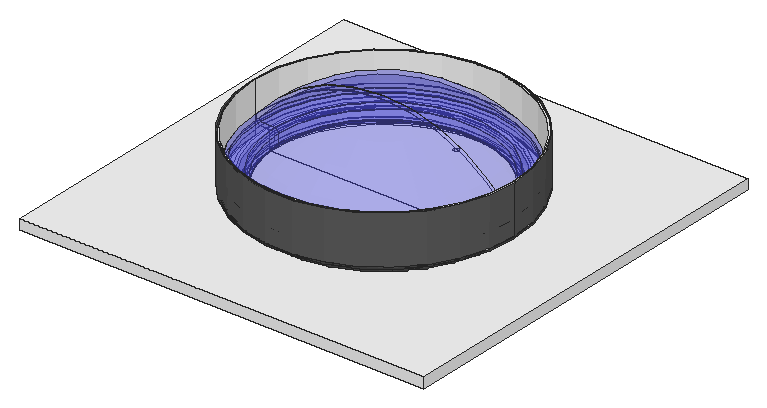
Revit family "BE_51049.1_de_DE", category Leuchten, Revit 2020
Family settings
  Basisbauteil = Fläche
  Bemaßung runder Anschluss = Durchmesser verwenden
  Teiletyp = Normal
  Beim Laden mit Abzugskörper schneiden = Ja
  Lichtquelle = Ja
  Gemeinsam genutzt = Nein
  Raumberechnungspunkt = Ja
Parameters (values of type "BEGA_51049.1_K3")
  built-in parameter 1150104 = 13.816 (stored number, unit not read)
  Wattage = 11.6 W
  Default Elevation = 0 mm
  built-in parameter 1150113 = 1 (stored number, unit not read)
  built-in parameter 1114218 = 1 (stored number, unit not read)
  Umgebungstemperatur = "25 °C"
  URL = "https://www.bega.com/de/produkt/51049.1"
  Typenkommentare = "© 2022 BEGA. Wir behalten uns das Recht vor, technische Änderungen ohne vorherige Ankündigung vorzunehmen."  # constant formula
  built-in parameter 1150134 = (empty or 0)
  built-in parameter 1150109 = 1 (stored number, unit not read)
  built-in parameter 1150110 = 1 (stored number, unit not read)
  Spannung = 239.996 V
  Sonderanfertigung = no
  Seriennummer [instance] = "Hier können Sie die eindeutige Seriennummer für das Facility Management eintragen."
  Schutzklasse = "I"
  Schutzart = "IP 20"
  Scheinlast = 0 VA
  Produktdatenblatt = "https://cdn.bega.com/bega/products/51049.1K3/current/documents/data-sheets/de"
  Neigungswinkel = 0.00°
  Modell = "51049.1K3"
  Material_35 = BEGA_Oberfläche_Samtschwarz_matt
  Material_34 = BEGA_Oberfläche_Samtweiss_matt
  Material_14 = BEGA_Kunststoff_opal
  M_W = no
  M_G = no
  M_A = no
  Logo = 0
  built-in parameter 1114217 = 1 (stored number, unit not read)
  built-in parameter 1150139 = (empty or 0)
  built-in parameter 1150105 = 137.27 (stored number, unit not read)
  built-in parameter 1150114 = 1 (stored number, unit not read)
  Lumens = 1725.04 lm
  built-in parameter 1150115 = 1 (stored number, unit not read)
  Leuchtenlichtstrom = "1224 lm"
  Lebensdauerkriterien = "L70B50 @ 25 °C = 131000 h"
  Lastklassifizierung = Beleuchtung
  built-in parameter 1150112 = 1 (stored number, unit not read)
  Lampenlichtstrom = "1725 lm"
  Lampe = "LED 11.6 W"
  LED_Modulbezeichnung = "LED-0509/930"
  Hersteller = "BEGA"  # constant formula
  Gewicht = "1.25 kg"
  Frequenz = "50-60 Hz"
  Farbwiedergabeindex = "CRI > 90"
  Farbtemperaturverschiebung bei Dämpfen der Lampe = <Keine Auswahl>
  Farbtemperatur = "3000 K"
  Color Filter = 16777215
  built-in parameter 1150133 = 10 (stored number, unit not read)
  Energieeffizienzklasse = "LED A++ - A"
  built-in parameter 1150137 = (empty or 0)
  built-in parameter 1150132 = (empty or 0)
  Dimmbar [instance] = "on/off"
  Datei für fotometrisches Netz = "BE_51049-1K3.ies"
  CE_Konformität = "ja"
  Bestellnummer = "51049.1K3"
  Beschreibung_Sonderanfertigung = "Hier können Sie Informationen zur Sonderanfertigung eintragen."
  Beschreibung = "Deckenleuchte"
  built-in parameter 1150106 = 1.3727 (stored number, unit not read)
  Befestigungsbohrung = "Ø 5,5 mm"
  Befestigungsabstand = "180 mm"
  BEGA_Intern_aus = yes
  BEGA_Intern_an = yes
  BEGA_Intern_Konstruktion = yes
  BEGA_Intern = yes
  BEGA_IES = yes
  BEGA_Dummy = no
  Anschlussleistung [instance] = "15.5 W"
  built-in parameter 1150107 = 3000 (stored number, unit not read)
  built-in parameter 1150102 = (empty or 0)
  built-in parameter 1150138 = (empty or 0)
  Aktualisierung = "2022-10-24T04:00:03"
  AC/DC = "AC"
Reference planes
  plane 1 "Mitte (Vorne/Hinten)": y = 0
  plane 2: z = 0
  plane 3 "Mitte (Links/Rechts)": x = 0
  plane 4 "Links": x = -129.868
  plane 5 "Rechts": x = 129.868
  plane 6 "Unten": y = -129.869
  plane 7 "Oben": y = 129.869
  plane 8 "Vorne": z = 91
  plane 9 "Hinten": z = 0
Forms (mm)
  Extrusion 1, solid, material "BEGA_Platte_Weiss"
    sketch origin (0, -1119.2, 0) x (1, 0, 0) y (0, 1, 0)
      loop
        line (-200, 1319.2) -> (-200, 919.2) -> (200, 919.2) -> (200, 1319.2) -> (-200, 1319.2)
    from 0 to -10
  Extrusion 2, solid, material "BEGA_Dummy_matt", visible <- "BEGA_Dummy"
    sketch origin (77.149, -76.023, 0) x (1, 0, 0) y (0, 1, 0)
      loop
        circle (-77.149, 76.023) r 130
    from 0 to 91
Dimensions and locks
  plane 1 "Mitte (Vorne/Hinten)" to Extrusion 1 = 200 mm
  aligned and locked: Extrusion 1 to plane 2
  aligned and locked: Extrusion 1 to level
Nested families
  nested 1: "BE_51049.1_Leuchte" at (0, 0, 0), type "BE_51049.1_Leuchte"
Connectors
  electrical at (0, 0, 0), driven by "Lastklassifizierung", driven by "Spannung", driven by "Scheinlast"
    settings: index 1, voltage 239.996 V, apparent load 0 VA, apparent load phase1 0 VA, apparent load phase2 0 VA, apparent load phase3 0 VA, power factor 1, load classification "Beleuchtung", number of poles 1, system type 31, power factor state 1, is connector primary yes, connector utility no, sub classification motor no, connector description ""
Definition of nested family "BE_51049.1_Leuchte"
  Parameters (values of type "BE_51049.1_Leuchte")
    Default Elevation = 1 mm
    URL = "http://www.bega.de/de/produkt"
    Type Comments = "© 2015 BEGA. Wir behalten uns das Recht vor, technische Änderungen ohne vorherige Ankündigung vorzunehmen. "  # constant formula
    Type Image = (empty or 0)
    Material_35 = none
    Material_34 = none
    Material_14 = none
    Länge_Platte = 300 mm  # constant formula
    Höhe_Platte = -10 mm  # constant formula
    Manufacturer = "BEGA"  # constant formula
    Breite_Platte = 300 mm  # constant formula
  Reference planes
    plane 1 "Mitte (Oben/Unten)": y = 0
    plane 2: z = 0
    plane 3 "Mitte (Links/Rechts)": x = 0
    plane 4: x = -129.868
    plane 5: z = 91
    plane 6: x = 129.868
    plane 7: z = 0
    plane 8: y = 129.869
    plane 9: y = -129.869
  Forms (mm)
    Extrusion 1, solid, detail levels medium
      sketch origin (0, 0, 0) x (1, 0, 0) y (0, 1, 0)
        loop
          line (-150, 150) -> (-150, -150) -> (150, -150) -> (150, 150) -> (-150, 150)
      from 0 to -10 <- "Höhe_Platte"
    Revolve 2, solid, material <- "Material_34"
      sketch origin (0, 0, 0) x (1, 0, 0) y (0, 0, 1)
        loop
          line (115.329, 20) -> (117.5, 20) -> (117.5, 21) -> (115.331, 21)
          arc (115.331, 21) -> (114.063, 20.484) -> (113.524, 19.225) r 1.8
          line (113.524, 19.225) -> (113.276, 4.974)
          arc (113.276, 4.974) -> (112.826, 3.929) -> (111.773, 3.5) r 1.5
          line (111.773, 3.5) -> (0, 3.5) -> (0, 2.5) -> (111.773, 2.5)
          arc (111.773, 2.5) -> (113.527, 3.216) -> (114.276, 4.956) r 2.5
          line (114.276, 4.956) -> (114.524, 19.21)
          arc (114.524, 19.21) -> (114.764, 19.771) -> (115.329, 20) r 0.8
        axis (0, 2.5) -> (0, 21)
      angle from 0 to 360
    Blend 3, solid, material <- "Material_34"
      base sketch origin (0, 0, 0) x (1, 0, 0) y (0, 1, 0)
        loop
          circle (0, 90) r 6.067
      top sketch origin (0, 0, 0) x (1, 0, 0) y (0, 1, 0)
        loop
          circle (0, 90) r 9.863
      from 0 to 3.5
    Blend 4, solid, material <- "Material_34"
      base sketch origin (0, 0, 0) x (1, 0, 0) y (0, 1, 0)
        loop
          circle (0, -90) r 6.067
      top sketch origin (0, 0, 0) x (1, 0, 0) y (0, 1, 0)
        loop
          circle (0, -90) r 9.863
      from 0 to 3.5
    Blend 5, solid, material <- "Material_34"
      base sketch origin (0, 0, 0) x (1, 0, 0) y (0, 1, 0)
        loop
          arc (90.944, 30.518) -> (71.704, 42.119) -> (57.155, 25) r 17.345
          line (57.155, 25) -> (57.155, -25)
          arc (57.155, -25) -> (71.704, -42.119) -> (90.944, -30.518) r 17.345
          arc (90.944, -30.518) -> (95.928, 0) -> (90.944, 30.518) r 95.928
      top sketch origin (0, 0, 0) x (1, 0, 0) y (0, 1, 0)
        loop
          arc (95.323, 31.989) -> (70.952, 46.677) -> (52.535, 24.985) r 21.964
          line (52.535, 24.985) -> (52.535, -24.994)
          arc (52.535, -24.994) -> (70.96, -46.672) -> (95.324, -31.981) r 21.965
          arc (95.324, -31.981) -> (100.546, 0.004) -> (95.323, 31.989) r 100.546
      from 0 to 3.5
    Extrusion 6, void
      sketch origin (0, 0, 0) x (1, 0, 0) y (0, 1, 0)
        loop
          circle (0, 90) r 2.75
        loop
          circle (0, -90) r 2.75
        loop
          circle (80, -15) r 5
        loop
          circle (80, 15) r 5
      from 0 to 3.5
    Revolve 7, solid, material <- "Material_35"
      sketch origin (0, 0, 0) x (1, 0, 0) y (0, 0, 1)
        loop
          line (129.7, 11.983) -> (129.868, 59.993) -> (128.868, 59.993) -> (128.7, 11.988)
          arc (128.7, 11.988) -> (128.256, 10.935) -> (127.2, 10.5) r 1.5
          line (127.2, 10.5) -> (115.64, 10.5) -> (115.5, 2.474)
          arc (115.5, 2.474) -> (115.051, 1.43) -> (114, 1) r 1.5
          line (114, 1) -> (110.5, 1) -> (110.5, 0) -> (114, 0)
          arc (114, 0) -> (115.752, 0.717) -> (116.5, 2.456) r 2.5
          line (116.5, 2.456) -> (116.623, 9.5) -> (127.2, 9.5)
          arc (127.2, 9.5) -> (128.962, 10.226) -> (129.7, 11.983) r 2.5
        axis (0, 0) -> (0, 59.993)
      angle from 0 to 360
    Revolve 8, solid, material <- "Material_34"
      sketch origin (0, 0, 0) x (1, 0, 0) y (0, 0, 1)
        loop
          line (127.868, 60) -> (127.7, 11.998)
          arc (127.7, 11.998) -> (127.553, 11.646) -> (127.2, 11.5) r 0.5
          line (127.2, 11.5) -> (114.657, 11.5) -> (114.491, 2) -> (110.5, 2) -> (110.5, 1) -> (114, 1)
          arc (114, 1) -> (115.051, 1.43) -> (115.5, 2.474) r 1.5
          line (115.5, 2.474) -> (115.64, 10.5) -> (127.2, 10.5)
          arc (127.2, 10.5) -> (128.259, 10.937) -> (128.7, 11.995) r 1.5
          line (128.7, 11.995) -> (128.868, 60) -> (127.868, 60)
        axis (0, 1) -> (0, 60)
      angle from 0 to 360
    Revolve 9, solid, material <- "Material_14"
      sketch origin (0, 0, 0) x (1, 0, 0) y (0, 0, 1)
        loop
          line (0, 91) -> (0, 87.2)
          arc (0, 87.2) -> (67.014, 72.201) -> (121.239, 30.064) r 157.2
          arc (121.239, 30.064) -> (122.17, 27.888) -> (121.777, 25.553) r 4.2
          line (121.777, 25.553) -> (107.481, 24.804)
          arc (107.481, 24.804) -> (104.79, 23.555) -> (103.7, 20.796) r 4
          line (103.7, 20.796) -> (103.7, 11.773)
          arc (103.7, 11.773) -> (104.098, 10.28) -> (105.186, 9.182) r 3.003
          line (105.186, 9.182) -> (107.458, 7.87)
          arc (107.458, 7.87) -> (108.492, 6.868) -> (108.941, 5.5) r 3.003
          line (108.941, 5.5) -> (112.75, 5.5) -> (112.75, 9.205) -> (107.5, 12.236) -> (107.5, 20.051)
          arc (107.5, 20.051) -> (107.774, 20.739) -> (108.446, 21.05) r 1
          line (108.446, 21.05) -> (121.856, 21.752)
          arc (121.856, 21.752) -> (123.904, 22.445) -> (125.293, 24.103) r 4
          arc (125.293, 24.103) -> (125.93, 28.446) -> (124.179, 32.472) r 8
          arc (124.179, 32.472) -> (68.64, 75.635) -> (0, 91) r 161
        axis (0, 5.5) -> (0, 91)
      angle from 0 to 360
  Cuts and joins
    Extrusion 6 cuts Revolve 2
    Extrusion 6 cuts Blend 3
    Extrusion 6 cuts Blend 4
    Extrusion 6 cuts Blend 5
    joined: Revolve 2, Blend 3, Blend 4, Blend 5
  Dimensions and locks
    equal spacing: Extrusion 1 sketch curve, plane 3 "Mitte (Links/Rechts)", Extrusion 1 sketch curve
    equal spacing: Extrusion 1 sketch curve, plane 1 "Mitte (Oben/Unten)", Extrusion 1 sketch curve
    "Länge_Platte": Extrusion 1 sketch curve to Extrusion 1 sketch curve
    "Breite_Platte": Extrusion 1 sketch curve to Extrusion 1 sketch curve
    plane 1 "Mitte (Oben/Unten)" to Extrusion 1 = 150 mm  (x3)
    aligned and locked: Extrusion 1 to plane 2
    aligned and locked: Extrusion 1 to level
  Automatic sketch dimensions
    Revolve 2 sketch curve to Revolve 2 sketch curve = 0 mm  (x8)
    Revolve 2 sketch curve to plane 3 "Mitte (Links/Rechts)" = 0 mm  (x2)
    level to Revolve 2 sketch curve = 3.5 mm
    Revolve 2 sketch curve to Revolve 2 sketch curve = 111.773 mm
    Revolve 2 sketch curve to Revolve 2 sketch curve = 0.001 mm
    Revolve 2 sketch curve to Revolve 2 sketch curve = 0.003 mm
    level to Revolve 2 sketch curve = 19.225 mm
    Revolve 2 sketch curve to Revolve 2 sketch curve = 1.749 mm
    level to Revolve 2 sketch curve = 19.21 mm
    Revolve 2 sketch curve to Revolve 2 sketch curve = 1 mm  (x3)
    Revolve 2 sketch curve to Revolve 2 sketch curve = 0.8 mm
    Revolve 2 sketch curve to Revolve 2 sketch curve = 0.004 mm
    Revolve 2 sketch curve to Revolve 2 sketch curve = 0.002 mm
    Revolve 2 sketch curve to Revolve 2 sketch curve = 2.171 mm
    Revolve 2 sketch curve to Revolve 2 sketch curve = 1.5 mm  (x2)
    Revolve 2 sketch curve to Revolve 2 sketch curve = 0.01 mm
    level to Revolve 2 sketch curve = 4.974 mm
    level to Revolve 2 sketch curve = 4.956 mm
    Blend 3 sketch curve to plane 3 "Mitte (Links/Rechts)" = 0 mm
    Blend 3 sketch curve to plane 1 "Mitte (Oben/Unten)" = 90 mm
    Blend 4 sketch curve to plane 3 "Mitte (Links/Rechts)" = 0 mm  (x2)
    Blend 4 sketch curve to plane 1 "Mitte (Oben/Unten)" = 90 mm  (x2)
    plane 1 "Mitte (Oben/Unten)" to Blend 5 sketch curve = 0 mm
    Blend 5 sketch curve to plane 3 "Mitte (Links/Rechts)" = 0 mm
    plane 1 "Mitte (Oben/Unten)" to Blend 5 sketch curve = 25 mm
    plane 3 "Mitte (Links/Rechts)" to Blend 5 sketch curve = 74.5 mm
    Blend 5 sketch curve to plane 1 "Mitte (Oben/Unten)" = 25 mm
    Blend 5 sketch curve to Blend 5 sketch curve = 0 mm  (x7)
    Blend 5 sketch curve to Blend 5 sketch curve = 17.345 mm  (x2)
    Blend 5 sketch curve to plane 1 "Mitte (Oben/Unten)" = 0.003 mm
    plane 3 "Mitte (Links/Rechts)" to Blend 5 sketch curve = 0.001 mm
    Blend 5 sketch curve to plane 1 "Mitte (Oben/Unten)" = 25.001 mm
    Blend 5 sketch curve to Blend 5 sketch curve = 21.964 mm
    Blend 5 sketch curve to Blend 5 sketch curve = 20.824 mm  (x2)
    Blend 5 sketch curve to Blend 5 sketch curve = 0.016 mm
    Blend 5 sketch curve to Blend 5 sketch curve = 49.979 mm
    level to Revolve 7 sketch curve = 11.983 mm
    Revolve 7 sketch curve to Revolve 7 sketch curve = 2.5 mm  (x2)
    level to Revolve 7 sketch curve = 59.993 mm
    Revolve 7 sketch curve to Revolve 7 sketch curve = 0.168 mm
    Revolve 7 sketch curve to Revolve 7 sketch curve = 0 mm  (x11)
    Revolve 7 sketch curve to Revolve 7 sketch curve = 10.577 mm
    level to Revolve 7 sketch curve = 2.456 mm
    Revolve 7 sketch curve to Revolve 7 sketch curve = 0.123 mm
    level to Revolve 7 sketch curve = 9.5 mm
    Revolve 7 sketch curve to level = 0 mm
    level to Revolve 7 sketch curve = 2.5 mm
    level to Revolve 7 sketch curve = 0 mm
    Revolve 7 sketch curve to Revolve 7 sketch curve = 3.5 mm
    plane 3 "Mitte (Links/Rechts)" to Revolve 7 sketch curve = 110.5 mm
    Revolve 7 sketch curve to Revolve 7 sketch curve = 15.7 mm
    Revolve 7 sketch curve to Revolve 7 sketch curve = 1 mm  (x7)
    level to Revolve 7 sketch curve = 1 mm
    level to Revolve 7 sketch curve = 2.474 mm
    Revolve 7 sketch curve to Revolve 7 sketch curve = 0.983 mm
    plane 3 "Mitte (Links/Rechts)" to Revolve 8 sketch curve = 127.7 mm
    Revolve 8 sketch curve to Revolve 8 sketch curve = 0.168 mm
    Revolve 8 sketch curve to Revolve 8 sketch curve = 1 mm  (x5)
    Revolve 8 sketch curve to Revolve 8 sketch curve = 0.5 mm  (x3)
    Revolve 8 sketch curve to Revolve 8 sketch curve = 0.498 mm
    Revolve 8 sketch curve to Revolve 8 sketch curve = 0 mm  (x6)
    Revolve 8 sketch curve to Revolve 8 sketch curve = 12.543 mm
    level to Revolve 8 sketch curve = 1 mm
    Revolve 8 sketch curve to Revolve 8 sketch curve = 4.157 mm
    Revolve 8 sketch curve to Revolve 8 sketch curve = 3.991 mm
    Revolve 8 sketch curve to Revolve 8 sketch curve = 0.491 mm  (x2)
    Revolve 8 sketch curve to Revolve 8 sketch curve = 1.008 mm  (x2)
    level to Revolve 8 sketch curve = 2.474 mm
    level to Revolve 8 sketch curve = 10.5 mm
    Revolve 8 sketch curve to Revolve 8 sketch curve = 0.983 mm
    level to Revolve 8 sketch curve = 11.995 mm
    level to Revolve 8 sketch curve = 60 mm
    Revolve 9 sketch curve to plane 3 "Mitte (Links/Rechts)" = 0 mm  (x2)
    plane 3 "Mitte (Links/Rechts)" to Revolve 9 sketch curve = 0 mm
    level to Revolve 9 sketch curve = 27.391 mm
    plane 3 "Mitte (Links/Rechts)" to Revolve 9 sketch curve = 118 mm
    Revolve 9 sketch curve to level = 70 mm
    Revolve 9 sketch curve to Revolve 9 sketch curve = 0 mm  (x9)
    level to Revolve 9 sketch curve = 87.2 mm
    Revolve 9 sketch curve to Revolve 9 sketch curve = 3.239 mm
    Revolve 9 sketch curve to Revolve 9 sketch curve = 2.94 mm
    Revolve 9 sketch curve to Revolve 9 sketch curve = 4.054 mm
    Revolve 9 sketch curve to Revolve 9 sketch curve = 5.962 mm
    Revolve 9 sketch curve to Revolve 9 sketch curve = 3.647 mm
    level to Revolve 9 sketch curve = 25.553 mm
    Revolve 9 sketch curve to Revolve 9 sketch curve = 0.13 mm
    Revolve 9 sketch curve to Revolve 9 sketch curve = 0.193 mm
    Revolve 9 sketch curve to Revolve 9 sketch curve = 10.519 mm
    Revolve 9 sketch curve to Revolve 9 sketch curve = 0.965 mm
    Revolve 9 sketch curve to Revolve 9 sketch curve = 0.079 mm
    level to Revolve 9 sketch curve = 21.752 mm
    Revolve 9 sketch curve to Revolve 9 sketch curve = 0.746 mm
    Revolve 9 sketch curve to Revolve 9 sketch curve = 0.239 mm
    Revolve 9 sketch curve to Revolve 9 sketch curve = 0.014 mm
    Revolve 9 sketch curve to Revolve 9 sketch curve = 0.054 mm
    Revolve 9 sketch curve to Revolve 9 sketch curve = 0.759 mm
    level to Revolve 9 sketch curve = 11.773 mm
    level to Revolve 9 sketch curve = 20.796 mm
    Revolve 9 sketch curve to Revolve 9 sketch curve = 3.8 mm
    Revolve 9 sketch curve to Revolve 9 sketch curve = 0.463 mm  (x2)
    level to Revolve 9 sketch curve = 9.182 mm
    Revolve 9 sketch curve to Revolve 9 sketch curve = 1.486 mm
    Revolve 9 sketch curve to Revolve 9 sketch curve = 0.797 mm
    Revolve 9 sketch curve to Revolve 9 sketch curve = 2.272 mm
    Revolve 9 sketch curve to Revolve 9 sketch curve = 5.25 mm
    Revolve 9 sketch curve to Revolve 9 sketch curve = 1.511 mm
    Revolve 9 sketch curve to Revolve 9 sketch curve = 2.595 mm
    Revolve 9 sketch curve to Revolve 9 sketch curve = 1.483 mm
    Revolve 9 sketch curve to Revolve 9 sketch curve = 3.705 mm
    level to Revolve 9 sketch curve = 5.5 mm
    radius of Blend 3 sketch curve = 9.863 mm
    radius of Blend 4 sketch curve = 6.067 mm
    radius of Blend 4 sketch curve = 9.863 mm
